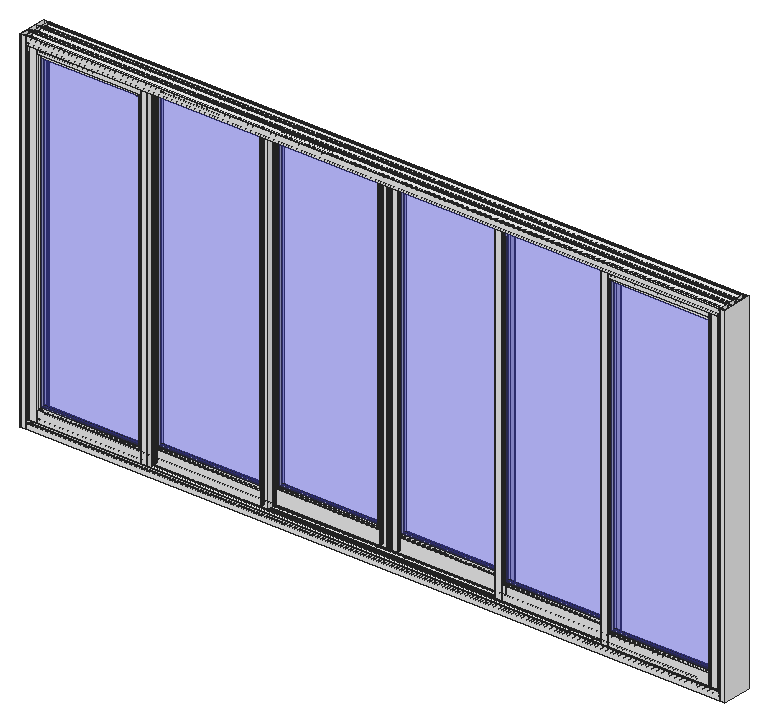
Revit family "Crealco Palace OXXXXO", category Doors, host Wall, Revit 2016 (continued)
Definition of nested family "Palace Sash"
  Definition of nested family "Palace Sash Jamb"
    Automatic sketch dimensions
      Extrusion 2 sketch curve to Extrusion 2 sketch curve = 0.7 mm  (x3)
      Extrusion 2 sketch curve to Extrusion 2 sketch curve = 2.5 mm
      Extrusion 2 sketch curve to Extrusion 2 sketch curve = 0.8 mm  (x2)
      Extrusion 2 sketch curve to plane 4 = 48.667 mm
      Extrusion 2 sketch curve to Extrusion 2 sketch curve = 1.72 mm
      Extrusion 2 sketch curve to Extrusion 2 sketch curve = 2 mm
      Extrusion 2 sketch curve to Extrusion 2 sketch curve = 5.5 mm
      Extrusion 2 sketch curve to Extrusion 2 sketch curve = 2.2 mm  (x2)
      Extrusion 2 sketch curve to Extrusion 2 sketch curve = 0.6 mm
      Extrusion 2 sketch curve to Extrusion 2 sketch curve = 9.3 mm
      plane 1 "Center (Front/Back)" to Extrusion 2 sketch curve = 29.106 mm
      Extrusion 2 sketch curve to Extrusion 2 sketch curve = 0.084 mm
      Extrusion 2 sketch curve to plane 4 = 27.4 mm
      Extrusion 2 sketch curve to Extrusion 2 sketch curve = 4.616 mm
      Extrusion 2 sketch curve to Extrusion 2 sketch curve = 1.4 mm  (x2)
      Extrusion 2 sketch curve to Extrusion 2 sketch curve = 0.4 mm  (x3)
      Extrusion 2 sketch curve to plane 4 = 42.2 mm
      Extrusion 2 sketch curve to Extrusion 2 sketch curve = 7.216 mm
      Extrusion 2 sketch curve to Extrusion 2 sketch curve = 1.2 mm  (x2)
      Extrusion 2 sketch curve to Extrusion 2 sketch curve = 1.363 mm
      Extrusion 2 sketch curve to Extrusion 2 sketch curve = 1.494 mm
      Extrusion 2 sketch curve to plane 4 = 9.735 mm
      Extrusion 2 sketch curve to Extrusion 2 sketch curve = 0.108 mm
      Extrusion 2 sketch curve to plane 4 = 24.265 mm
      Extrusion 2 sketch curve to Extrusion 2 sketch curve = 0.239 mm
      Extrusion 2 sketch curve to Extrusion 2 sketch curve = 0.498 mm  (x2)
      Extrusion 2 sketch curve to plane 4 = 37.2 mm
      Extrusion 2 sketch curve to Extrusion 2 sketch curve = 10.9 mm
      Extrusion 2 sketch curve to plane 4 = 37.6 mm
      Extrusion 2 sketch curve to Extrusion 2 sketch curve = 2.633 mm
      Extrusion 2 sketch curve to Extrusion 2 sketch curve = 0.594 mm
      Extrusion 2 sketch curve to Extrusion 2 sketch curve = 0.5 mm  (x3)
      Extrusion 2 sketch curve to plane 4 = 39 mm
      Extrusion 2 sketch curve to Extrusion 2 sketch curve = 1.3 mm
      Extrusion 2 sketch curve to Extrusion 2 sketch curve = 1.235 mm
      Extrusion 2 sketch curve to Extrusion 2 sketch curve = 4.7 mm
      Extrusion 2 sketch curve to Extrusion 2 sketch curve = 0.2 mm
      Extrusion 1 sketch curve to plane 3 "Center (Left/Right)" = 50 mm
      Extrusion 2 sketch curve to plane 3 "Center (Left/Right)" = 40 mm
      Extrusion 3 sketch curve to plane 4 = 0 mm  (x2)
      plane 5 to Extrusion 3 sketch curve = 0 mm
      Extrusion 3 sketch curve to plane 3 "Center (Left/Right)" = 0 mm  (x3)
      Extrusion 3 sketch curve to Extrusion 3 sketch curve = 0.5 mm  (x3)
      Extrusion 3 sketch curve to plane 3 "Center (Left/Right)" = 0.5 mm
      Extrusion 3 sketch curve to Extrusion 3 sketch curve = 0.498 mm  (x2)
      Extrusion 3 sketch curve to plane 3 "Center (Left/Right)" = 1.106 mm
      Extrusion 3 sketch curve to plane 3 "Center (Left/Right)" = 1.237 mm
      Extrusion 3 sketch curve to plane 3 "Center (Left/Right)" = 1.8 mm  (x2)
      Extrusion 3 sketch curve to Extrusion 3 sketch curve = 1.494 mm
      Extrusion 3 sketch curve to Extrusion 3 sketch curve = 1.2 mm  (x4)
      Extrusion 3 sketch curve to Extrusion 3 sketch curve = 1.4 mm  (x2)
      Extrusion 3 sketch curve to plane 3 "Center (Left/Right)" = 18.516 mm
      Extrusion 3 sketch curve to Extrusion 3 sketch curve = 0.084 mm
      plane 4 to Extrusion 3 sketch curve = 8.3 mm
      Extrusion 3 sketch curve to Extrusion 3 sketch curve = 9.3 mm
      Extrusion 3 sketch curve to Extrusion 3 sketch curve = 0.6 mm
      Extrusion 3 sketch curve to Extrusion 3 sketch curve = 2.2 mm  (x2)
      Extrusion 3 sketch curve to Extrusion 3 sketch curve = 0.8 mm  (x2)
      plane 4 to Extrusion 3 sketch curve = 2.687 mm
      Extrusion 3 sketch curve to Extrusion 3 sketch curve = 4.8 mm
      plane 4 to Extrusion 3 sketch curve = 4.667 mm
      Extrusion 3 sketch curve to Extrusion 3 sketch curve = 0.28 mm
      Extrusion 3 sketch curve to Extrusion 3 sketch curve = 1.22 mm
      Extrusion 3 sketch curve to plane 5 = 1.8 mm
      Extrusion 3 sketch curve to Extrusion 3 sketch curve = 36.4 mm
      Extrusion 3 sketch curve to Extrusion 3 sketch curve = 0 mm
      Extrusion 3 sketch curve to Extrusion 3 sketch curve = 0.7 mm  (x3)
      Extrusion 3 sketch curve to Extrusion 3 sketch curve = 1.5 mm
      plane 3 "Center (Left/Right)" to Extrusion 3 sketch curve = 10.9 mm
      Extrusion 3 sketch curve to Extrusion 3 sketch curve = 3.2 mm
      Extrusion 3 sketch curve to Extrusion 3 sketch curve = 0.4 mm  (x3)
      Extrusion 3 sketch curve to Extrusion 3 sketch curve = 1.3 mm
      plane 1 "Center (Front/Back)" to Extrusion 3 sketch curve = 6.8 mm
      plane 1 "Center (Front/Back)" to Extrusion 3 sketch curve = 2.309 mm
      Extrusion 3 sketch curve to plane 4 = 9.735 mm
      Extrusion 3 sketch curve to Extrusion 3 sketch curve = 1.235 mm
      Extrusion 3 sketch curve to plane 4 = 2 mm
      Extrusion 3 sketch curve to Extrusion 3 sketch curve = 1.933 mm
      Extrusion 3 sketch curve to Extrusion 3 sketch curve = 1.194 mm
      plane 5 to Extrusion 4 sketch curve = 51 mm
      Extrusion 4 sketch curve to plane 3 "Center (Left/Right)" = 40 mm
      Extrusion 4 sketch curve to Extrusion 4 sketch curve = 1.5 mm
      Extrusion 4 sketch curve to plane 4 = 42.2 mm
      Extrusion 4 sketch curve to Extrusion 4 sketch curve = 0.3 mm
      Extrusion 4 sketch curve to Extrusion 4 sketch curve = 2 mm  (x3)
      Extrusion 4 sketch curve to Extrusion 4 sketch curve = 0.7 mm  (x4)
      Extrusion 4 sketch curve to Extrusion 4 sketch curve = 0.8 mm  (x2)
      Extrusion 4 sketch curve to Extrusion 4 sketch curve = 1.72 mm
      Extrusion 4 sketch curve to Extrusion 4 sketch curve = 5.5 mm
      Extrusion 4 sketch curve to Extrusion 4 sketch curve = 2.2 mm  (x2)
      Extrusion 4 sketch curve to Extrusion 4 sketch curve = 0.6 mm
      Extrusion 4 sketch curve to Extrusion 4 sketch curve = 9.3 mm
      plane 4 to Extrusion 4 sketch curve = 7.106 mm
      Extrusion 4 sketch curve to Extrusion 4 sketch curve = 0.084 mm
      Extrusion 4 sketch curve to plane 4 = 27.4 mm
      Extrusion 4 sketch curve to Extrusion 4 sketch curve = 33.8 mm
      Extrusion 4 sketch curve to Extrusion 4 sketch curve = 1.4 mm  (x3)
      Extrusion 4 sketch curve to Extrusion 4 sketch curve = 0.4 mm  (x2)
      Extrusion 4 sketch curve to Extrusion 4 sketch curve = 1 mm
      Extrusion 4 sketch curve to Extrusion 4 sketch curve = 1.2 mm  (x4)
      Extrusion 4 sketch curve to plane 4 = 27 mm
      Extrusion 4 sketch curve to Extrusion 4 sketch curve = 1.363 mm
      Extrusion 4 sketch curve to plane 4 = 8.5 mm
      Extrusion 4 sketch curve to Extrusion 4 sketch curve = 1.494 mm
      Extrusion 4 sketch curve to plane 4 = 24.265 mm
      Extrusion 4 sketch curve to Extrusion 4 sketch curve = 0.239 mm
      Extrusion 4 sketch curve to plane 4 = 9.735 mm
      Extrusion 4 sketch curve to Extrusion 4 sketch curve = 0.108 mm
      Extrusion 4 sketch curve to Extrusion 4 sketch curve = 0.498 mm  (x2)
      Extrusion 4 sketch curve to Extrusion 4 sketch curve = 1.8 mm  (x4)
      Extrusion 4 sketch curve to Extrusion 4 sketch curve = 0 mm
      Extrusion 4 sketch curve to Extrusion 4 sketch curve = 10.9 mm
      Extrusion 4 sketch curve to Extrusion 4 sketch curve = 4.5 mm
      Extrusion 4 sketch curve to Extrusion 4 sketch curve = 3.2 mm
      Extrusion 4 sketch curve to Extrusion 4 sketch curve = 1.3 mm
      Extrusion 4 sketch curve to Extrusion 4 sketch curve = 9.106 mm
      Extrusion 4 sketch curve to Extrusion 4 sketch curve = 2.687 mm
      Extrusion 4 sketch curve to Extrusion 4 sketch curve = 1.933 mm
      Extrusion 4 sketch curve to Extrusion 4 sketch curve = 0.594 mm
      Extrusion 4 sketch curve to Extrusion 4 sketch curve = 0.5 mm  (x2)
      Extrusion 5 sketch curve to plane 4 = 52.8 mm  (x2)
      Extrusion 5 sketch curve to plane 3 "Center (Left/Right)" = 40 mm
      Extrusion 5 sketch curve to Extrusion 5 sketch curve = 1.8 mm  (x4)
      Extrusion 5 sketch curve to Extrusion 5 sketch curve = 0 mm  (x4)
      Extrusion 5 sketch curve to Extrusion 5 sketch curve = 2 mm  (x3)
      Extrusion 5 sketch curve to Extrusion 5 sketch curve = 7.7 mm
      Extrusion 5 sketch curve to Extrusion 5 sketch curve = 1.5 mm
      Extrusion 5 sketch curve to Extrusion 5 sketch curve = 0.7 mm  (x2)
      Extrusion 5 sketch curve to Extrusion 5 sketch curve = 2.5 mm
      Extrusion 5 sketch curve to Extrusion 5 sketch curve = 0.8 mm  (x2)
      Extrusion 5 sketch curve to plane 4 = 48.667 mm
      Extrusion 5 sketch curve to Extrusion 5 sketch curve = 1.72 mm
      Extrusion 5 sketch curve to plane 4 = 51.8 mm
      Extrusion 5 sketch curve to Extrusion 5 sketch curve = 4.28 mm
      Extrusion 5 sketch curve to Extrusion 5 sketch curve = 2.2 mm  (x2)
      Extrusion 5 sketch curve to plane 4 = 52.3 mm
      Extrusion 5 sketch curve to Extrusion 5 sketch curve = 0.6 mm
      Extrusion 5 sketch curve to Extrusion 5 sketch curve = 9.3 mm
      Extrusion 5 sketch curve to plane 4 = 51.106 mm
      Extrusion 5 sketch curve to Extrusion 5 sketch curve = 0.084 mm
      Extrusion 5 sketch curve to Extrusion 5 sketch curve = 4.616 mm
      Extrusion 5 sketch curve to Extrusion 5 sketch curve = 1.4 mm  (x3)
      Extrusion 5 sketch curve to Extrusion 5 sketch curve = 0.4 mm  (x2)
      Extrusion 5 sketch curve to Extrusion 5 sketch curve = 1 mm
      Extrusion 5 sketch curve to Extrusion 5 sketch curve = 7.216 mm
      Extrusion 5 sketch curve to Extrusion 5 sketch curve = 1.2 mm  (x3)
      Extrusion 5 sketch curve to plane 4 = 27 mm
      Extrusion 5 sketch curve to Extrusion 5 sketch curve = 1.363 mm
      Extrusion 5 sketch curve to Extrusion 5 sketch curve = 1.494 mm
      Extrusion 5 sketch curve to Extrusion 5 sketch curve = 0.108 mm
      Extrusion 5 sketch curve to plane 4 = 24.265 mm
      Extrusion 5 sketch curve to Extrusion 5 sketch curve = 0.239 mm
      Extrusion 5 sketch curve to Extrusion 5 sketch curve = 0.498 mm  (x2)
      Extrusion 5 sketch curve to Extrusion 5 sketch curve = 0.5 mm  (x2)
      Extrusion 5 sketch curve to Extrusion 5 sketch curve = 10.9 mm
      Extrusion 5 sketch curve to plane 4 = 37.6 mm
      Extrusion 5 sketch curve to Extrusion 5 sketch curve = 2.687 mm
      Extrusion 5 sketch curve to Extrusion 5 sketch curve = 1.3 mm
      Extrusion 5 sketch curve to Extrusion 5 sketch curve = 14.53 mm
      Extrusion 5 sketch curve to Extrusion 5 sketch curve = 1.235 mm
      Extrusion 5 sketch curve to Extrusion 5 sketch curve = 6.1 mm
      Extrusion 5 sketch curve to Extrusion 5 sketch curve = 46.5 mm
      Extrusion 5 sketch curve to Extrusion 5 sketch curve = 4.5 mm
      Extrusion 6 sketch curve to plane 4 = 1.8 mm
      Extrusion 6 sketch curve to plane 3 "Center (Left/Right)" = 60 mm
      Extrusion 6 sketch curve to Extrusion 6 sketch curve = 1.8 mm  (x4)
      Extrusion 6 sketch curve to Extrusion 6 sketch curve = 0 mm  (x7)
      Extrusion 6 sketch curve to Extrusion 6 sketch curve = 3.4 mm  (x2)
      Extrusion 6 sketch curve to Extrusion 6 sketch curve = 1.2 mm  (x5)
      Extrusion 6 sketch curve to plane 4 = 8.1 mm
      Extrusion 6 sketch curve to Extrusion 6 sketch curve = 49.201 mm
      Extrusion 6 sketch curve to Extrusion 6 sketch curve = 1.4 mm  (x2)
      Extrusion 6 sketch curve to Extrusion 6 sketch curve = 0.4 mm
      plane 1 "Center (Front/Back)" to Extrusion 6 sketch curve = 5 mm
      Extrusion 6 sketch curve to Extrusion 6 sketch curve = 1.363 mm
      Extrusion 6 sketch curve to plane 4 = 8.5 mm
      Extrusion 6 sketch curve to Extrusion 6 sketch curve = 1.494 mm
      Extrusion 6 sketch curve to plane 4 = 9.735 mm
      Extrusion 6 sketch curve to Extrusion 6 sketch curve = 0.108 mm
      Extrusion 6 sketch curve to plane 4 = 24.265 mm
      Extrusion 6 sketch curve to Extrusion 6 sketch curve = 0.239 mm
      Extrusion 6 sketch curve to Extrusion 6 sketch curve = 0.498 mm  (x2)
      plane 1 "Center (Front/Back)" to Extrusion 6 sketch curve = 15.2 mm
      Extrusion 6 sketch curve to Extrusion 6 sketch curve = 10.9 mm
      plane 1 "Center (Front/Back)" to Extrusion 6 sketch curve = 15.6 mm
      Extrusion 6 sketch curve to Extrusion 6 sketch curve = 0.7 mm
      plane 1 "Center (Front/Back)" to Extrusion 6 sketch curve = 14.3 mm
      Extrusion 6 sketch curve to Extrusion 6 sketch curve = 2.2 mm
      plane 1 "Center (Front/Back)" to Extrusion 6 sketch curve = 17 mm
      plane 1 "Center (Front/Back)" to Extrusion 6 sketch curve = 17.196 mm
      Extrusion 6 sketch curve to Extrusion 6 sketch curve = 3 mm  (x2)
      Extrusion 7 sketch curve to plane 3 "Center (Left/Right)" = 62.9 mm
      Extrusion 7 sketch curve to plane 4 = 44 mm
      Extrusion 7 sketch curve to Extrusion 7 sketch curve = 0 mm  (x6)
      Extrusion 7 sketch curve to Extrusion 7 sketch curve = 1 mm  (x9)
      Extrusion 7 sketch curve to Extrusion 7 sketch curve = 0.5 mm  (x5)
      Extrusion 7 sketch curve to Extrusion 7 sketch curve = 5.5 mm  (x2)
      Extrusion 7 sketch curve to Extrusion 7 sketch curve = 0.8 mm  (x4)
      Extrusion 7 sketch curve to Extrusion 7 sketch curve = 1.5 mm
      Extrusion 7 sketch curve to Extrusion 7 sketch curve = 1.6 mm  (x7)
      Extrusion 7 sketch curve to Extrusion 7 sketch curve = 0.9 mm  (x2)
      Extrusion 7 sketch curve to Extrusion 7 sketch curve = 7.5 mm  (x2)
      Extrusion 7 sketch curve to Extrusion 7 sketch curve = 1.4 mm  (x3)
      Extrusion 7 sketch curve to Extrusion 7 sketch curve = 0.2 mm  (x2)
      Extrusion 7 sketch curve to Extrusion 7 sketch curve = 0.6 mm  (x2)
      Extrusion 7 sketch curve to Extrusion 7 sketch curve = 5.6 mm
      Extrusion 7 sketch curve to Extrusion 7 sketch curve = 15.5 mm
      Extrusion 7 sketch curve to Extrusion 7 sketch curve = 14.8 mm
      Extrusion 7 sketch curve to Extrusion 7 sketch curve = 0.7 mm
      Extrusion 7 sketch curve to Extrusion 7 sketch curve = 2.7 mm
      Extrusion 8 sketch curve to Extrusion 8 sketch curve = 0 mm  (x16)
      Extrusion 8 sketch curve to plane 3 "Center (Left/Right)" = 69.3 mm  (x2)
      Extrusion 8 sketch curve to plane 4 = 3 mm  (x2)
      Extrusion 8 sketch curve to Extrusion 8 sketch curve = 6.4 mm  (x4)
      Extrusion 8 sketch curve to plane 4 = 4 mm
      Extrusion 8 sketch curve to Extrusion 8 sketch curve = 1 mm  (x12)
      Extrusion 8 sketch curve to Extrusion 8 sketch curve = 0.5 mm  (x5)
      Extrusion 8 sketch curve to Extrusion 8 sketch curve = 1.6 mm  (x13)
      Extrusion 8 sketch curve to Extrusion 8 sketch curve = 0.1 mm
      Extrusion 8 sketch curve to Extrusion 8 sketch curve = 2 mm  (x3)
      Extrusion 8 sketch curve to Extrusion 8 sketch curve = 5.5 mm  (x2)
      Extrusion 8 sketch curve to plane 4 = 5.5 mm
      Extrusion 8 sketch curve to Extrusion 8 sketch curve = 1.8 mm  (x2)
      Extrusion 8 sketch curve to Extrusion 8 sketch curve = 1.5 mm  (x3)
      Extrusion 8 sketch curve to Extrusion 8 sketch curve = 0.9 mm  (x2)
      Extrusion 8 sketch curve to plane 3 "Center (Left/Right)" = 42.5 mm  (x2)
      Extrusion 8 sketch curve to Extrusion 8 sketch curve = 0.6 mm  (x4)
      Extrusion 8 sketch curve to Extrusion 8 sketch curve = 7.5 mm  (x2)
      Extrusion 8 sketch curve to plane 4 = 7.2 mm
      Extrusion 8 sketch curve to Extrusion 8 sketch curve = 0.8 mm  (x2)
      Extrusion 8 sketch curve to plane 3 "Center (Left/Right)" = 33.5 mm  (x2)
      Extrusion 8 sketch curve to plane 1 "Center (Front/Back)" = 0 mm
      plane 1 "Center (Front/Back)" to Extrusion 8 sketch curve = 14.8 mm
      Extrusion 8 sketch curve to Extrusion 8 sketch curve = 0.7 mm
      Extrusion 8 sketch curve to Extrusion 8 sketch curve = 0.2 mm
      Extrusion 8 sketch curve to Extrusion 8 sketch curve = 2.7 mm
      Extrusion 8 sketch curve to Extrusion 8 sketch curve = 1.4 mm  (x2)
      plane 5 to Extrusion 8 sketch curve = 14.693 mm  (x2)
      Extrusion 8 sketch curve to Extrusion 8 sketch curve = 0.507 mm  (x4)
      Extrusion 8 sketch curve to Extrusion 8 sketch curve = 4.8 mm  (x4)
      Extrusion 8 sketch curve to Extrusion 8 sketch curve = 5.193 mm  (x2)
      Extrusion 8 sketch curve to plane 4 = 2.6 mm
      Extrusion 8 sketch curve to Extrusion 8 sketch curve = 14.693 mm  (x2)
  Definition of nested family "Palace Sash Head"
    Parameters (values of type "Palace Sash Head")
      Profile Material [instance] = none
      Head Width = 50 mm  # constant formula
      Head Length [instance] = 250 mm
      Head Depth = 44 mm  # constant formula
    Reference planes
      plane 1 "Center (Front/Back)": y = 0
      plane 2: z = 0
      plane 3 "Center (Left/Right)": x = 0
      plane 4: y = -22
      plane 5: z = 50
      plane 6: y = 22
      plane 7: z = 25
    Forms (mm)
      Extrusion 1, solid, material <- "Profile Material"
        sketch origin (0, 0, 0) x (0, 1, 0) y (0, 0, 1)
          loop
            line (22, 50) -> (20.2, 50) -> (20.2, 48) -> (17.1, 48) -> (17.1, 46.4) -> (20.25, 46.4) -> (20.25, 34.033) -> (19.696, 32.985) -> (19.696, 30) -> (-19.7, 30) -> (-19.7, 32.92) -> (-20.21, 33.883) -> (-20.21, 46.4) -> (-17.1, 46.4) -> (-17.1, 48) -> (-20.2, 48) -> (-20.2, 50) -> (-22, 50) -> (-22, 0) -> (-17.004, 0) -> (-17.004, -15) -> (-14.304, -15) -> (-14.304, -13.8) -> (-15.604, -13.8) -> (-15.604, -11.6) -> (-15.204, -10.9) -> (-15.204, 0) -> (-2.313, 0)
            arc (-2.313, 0) -> (-1.814, 0.478) -> (-2.27, 0.998) r 0.5
            line (-2.27, 0.998) -> (-5.004, 1.237) -> (-5.004, 2.6) -> (13.496, 2.6) -> (13.496, 1.106) -> (11.805, 0.958) -> (11.805, 0) -> (22, 0) -> (22, 50)
          loop
            line (-20.21, 28.2) -> (-20.21, 1.8) -> (-6.804, 1.8) -> (-6.804, 3)
            arc (-6.804, 3) -> (-6.394, 3.99) -> (-5.404, 4.4) r 1.4
            line (-5.404, 4.4) -> (13.896, 4.4)
            arc (13.896, 4.4) -> (14.885, 3.99) -> (15.296, 3) r 1.4
            line (15.296, 3) -> (15.296, 1.8) -> (20.21, 1.8) -> (20.21, 28.2) -> (-20.21, 28.2)
        from 0 to 250 <- "Head Length"
      Extrusion 2, void
        sketch origin (0, -16.704, -15) x (0, -1, 0) y (1, 0, 0)
          loop
            line (0.3, 250) -> (-2.4, 250) -> (-2.4, 235) -> (0.3, 235) -> (0.3, 250)
          loop
            line (0.3, 0) -> (0.3, 15) -> (-2.4, 15) -> (-2.4, 0) -> (0.3, 0)
        from 0 to 250
    Cuts and joins
      Extrusion 2 cuts Extrusion 1
    Dimensions and locks
      equal spacing: plane 4, plane 1 "Center (Front/Back)", plane 6
      "Head Depth": plane 4 to plane 6
      equal spacing: plane 5, plane 7, plane 2
      "Head Width": plane 5 to plane 2
      locked: Extrusion 2 sketch curve to Extrusion 1 at 15
      locked: Extrusion 1 to Extrusion 2 sketch curve at 15
      aligned and locked: level to plane 2
    Automatic sketch dimensions
      Extrusion 1 to Extrusion 2 sketch curve = 0 mm  (x4)
      Extrusion 2 sketch curve to Extrusion 1 = 0 mm  (x2)
      Extrusion 1 sketch curve to level = 0 mm  (x3)
      Extrusion 1 sketch curve to plane 4 = 0 mm
      plane 5 to Extrusion 1 sketch curve = 0 mm  (x2)
      Extrusion 1 sketch curve to plane 6 = 0 mm
      Extrusion 1 sketch curve to plane 4 = 1.79 mm  (x2)
      Extrusion 1 sketch curve to plane 4 = 1.8 mm
      Extrusion 1 sketch curve to Extrusion 1 sketch curve = 0.51 mm
      Extrusion 1 sketch curve to Extrusion 1 sketch curve = 3.1 mm
      Extrusion 1 sketch curve to Extrusion 1 sketch curve = 3.205 mm
      Extrusion 1 sketch curve to Extrusion 1 sketch curve = 1.4 mm  (x3)
      Extrusion 1 sketch curve to Extrusion 1 sketch curve = 0.4 mm  (x3)
      Extrusion 1 sketch curve to Extrusion 1 sketch curve = 1.3 mm
      level to Extrusion 1 sketch curve = 1.8 mm  (x2)
      plane 1 "Center (Front/Back)" to Extrusion 1 sketch curve = 6.804 mm
      level to Extrusion 1 sketch curve = 1.237 mm
      plane 1 "Center (Front/Back)" to Extrusion 1 sketch curve = 2.313 mm
      level to Extrusion 1 sketch curve = 0.998 mm
      Extrusion 1 sketch curve to Extrusion 1 sketch curve = 0.044 mm
      plane 6 to Extrusion 1 sketch curve = 10.195 mm
      plane 6 to Extrusion 1 sketch curve = 4.9 mm
      plane 6 to Extrusion 1 sketch curve = 2.304 mm
      plane 6 to Extrusion 1 sketch curve = 1.8 mm
      plane 6 to Extrusion 1 sketch curve = 1.79 mm
      Extrusion 1 sketch curve to Extrusion 1 sketch curve = 0.05 mm
      Extrusion 1 sketch curve to level = 10.9 mm
      Extrusion 1 sketch curve to Extrusion 1 sketch curve = 0.7 mm
      Extrusion 1 sketch curve to Extrusion 1 sketch curve = 2.2 mm
      Extrusion 1 sketch curve to Extrusion 1 sketch curve = 1.2 mm  (x2)
      level to Extrusion 1 sketch curve = 1.106 mm
      Extrusion 1 sketch curve to Extrusion 1 sketch curve = 1.494 mm
      plane 7 to Extrusion 1 sketch curve = 3.2 mm
      Extrusion 1 sketch curve to Extrusion 1 sketch curve = 1.8 mm
      Extrusion 1 sketch curve to Extrusion 1 sketch curve = 2.92 mm
      Extrusion 1 sketch curve to Extrusion 1 sketch curve = 2.985 mm
      Extrusion 1 sketch curve to Extrusion 1 sketch curve = 0.963 mm
      Extrusion 1 sketch curve to Extrusion 1 sketch curve = 1.048 mm
      plane 5 to Extrusion 1 sketch curve = 3.6 mm  (x2)
      Extrusion 1 sketch curve to Extrusion 1 sketch curve = 1.6 mm  (x2)
      level to Extrusion 1 sketch curve = 0.958 mm
      Extrusion 1 sketch curve to Extrusion 1 sketch curve = 1.691 mm
  Definition of nested family "Palace Single Glazing"
    Parameters (values of type "Palace Single Glazing")
      Glazing Width [instance] = 600 mm
      Glazing Height [instance] = 600 mm
      Right Sliding [instance] = yes
      Length Arrow Tip [instance] = if((Glazing Height - (2 * 50.3 mm)) / 8 > Length Arrow / 3.3, Length Arrow / 3.3, (Glazing Height - (2 * 50.3 mm)) / 8)  # 50.444 mm
      Length Arrow [instance] = (Glazing Width - (2 * 50.3 mm)) / 3  # 166.467 mm
      Left Sliding [instance] = yes
      Is Sliding [instance] = if(or(Right Sliding, Left Sliding), 1 = 1, 1 = 2)  # yes
      Glazing Thickness SG [instance] = 4 mm
      Glazing Material [instance] = none
      Double Glazing Gasket Material [instance] = none
      Arrow Tip Length [instance] = if((Glazing Height - (2 * 50.3 mm)) / 8 > Length Arrow / 3.3, Length Arrow / 3.3, (Glazing Height - (2 * 50.3 mm)) / 8)  # 50.444 mm
      Arrow Tip Angle = 45.00°  # constant formula
      Arrow Left Gap [instance] = (Glazing Width - Length Arrow) / 2  # 216.767 mm
      Arrow Bottom Gap [instance] = Glazing Height / 2  # 300 mm
    Reference planes
      plane 1 "Center (Front/Back)": y = 0
      plane 2: z = 0
      plane 3 "Center (Left/Right)": x = 0
      plane 4: y = -4
      plane 5: y = -2
    Forms (mm)
      Extrusion 1, solid, material <- "Glazing Material"
        sketch origin (0, 0, 0) x (1, 0, 0) y (0, 0, 1)
          loop
            line (0, 0) -> (0, 600) -> (-600, 600) -> (-600, 0) -> (0, 0)
        from 0 to 4 <- "Glazing Thickness SG"
    Lines and regions (mm)
      model lines, visible <- "Is Sliding"
        curve 1: line (-383.233, -4, 300) -> (-216.767, -4, 300)
      model lines, visible <- "Left Sliding"
        curve 2: line (-216.767, -4, 300) -> (-252.436, -4, 335.67)
        curve 3: line (-216.767, -4, 300) -> (-252.436, -4, 264.33)
      model lines, visible <- "Right Sliding"
        curve 4: line (-383.233, -4, 300) -> (-347.564, -4, 335.67)
        curve 5: line (-383.233, -4, 300) -> (-347.564, -4, 264.33)
    Dimensions and locks
      "Length Arrow": curve 1 to curve 1
      "Arrow Left Gap": plane 3 "Center (Left/Right)" to curve 1
      "Arrow Bottom Gap": level to curve 1
      "Arrow Tip Length": curve 3 to curve 2
      "Arrow Tip Length": curve 3 to curve 3
      "Length Arrow Tip": curve 5 to curve 5
      "Length Arrow Tip": curve 5 to curve 4
      "Glazing Width": plane 3 "Center (Left/Right)" to Extrusion 1 sketch curve
      "Glazing Height": Extrusion 1 sketch curve to level
      equal spacing: plane 4, plane 5, plane 1 "Center (Front/Back)"
      "Glazing Thickness SG": plane 4 to plane 1 "Center (Front/Back)"
      "Arrow Tip Angle": angle curve 3 to curve 1
      "Arrow Tip Angle": angle curve 1 to curve 2
      "Arrow Tip Angle": angle curve 4 to curve 1
      "Arrow Tip Angle": angle curve 1 to curve 5
      aligned and locked: level to plane 2
      aligned and locked: Extrusion 1 sketch curve to plane 3 "Center (Left/Right)"
      aligned and locked: level to Extrusion 1 sketch curve
  Definition of nested family "Palace Double Glazing"
    Parameters (values of type "Palace Double Glazing")
      Glazing Width [instance] = 600 mm
      Glazing Thickness [instance] = 20 mm
      Glazing Height [instance] = 600 mm
      Right Sliding [instance] = yes
      Length Arrow Tip [instance] = if((Glazing Height - (2 * 50.3 mm)) / 8 > Length Arrow / 3.3, Length Arrow / 3.3, (Glazing Height - (2 * 50.3 mm)) / 8)  # 50.444 mm
      Length Arrow [instance] = (Glazing Width - (2 * 50.3 mm)) / 3  # 166.467 mm
      Left Sliding [instance] = yes
      Is Sliding [instance] = if(or(Right Sliding, Left Sliding), 1 = 1, 1 = 2)  # yes
      Glazing Thickness DG [instance] = (Glazing Thickness - Double Glazing Gasket Thickness) / 2  # 4 mm
      Glazing Material [instance] = none
      Double Glazing Gasket Thickness [instance] = 12 mm
      Double Glazing Gasket Material [instance] = none
      Arrow Tip Length [instance] = if((Glazing Height - (2 * 50.3 mm)) / 8 > Length Arrow / 3.3, Length Arrow / 3.3, (Glazing Height - (2 * 50.3 mm)) / 8)  # 50.444 mm
      Arrow Tip Angle = 45.00°  # constant formula
      Arrow Left Gap [instance] = (Glazing Width - Length Arrow) / 2  # 216.767 mm
      Arrow Bottom Gap [instance] = Glazing Height / 2  # 300 mm
    Reference planes
      plane 1 "Center (Front/Back)": y = 0
      plane 2: z = 0
      plane 3 "Center (Left/Right)": x = 0
      plane 4: y = -20
      plane 5: y = -10
    Forms (mm)
      Extrusion 1, solid, material <- "Glazing Material"
        sketch origin (0, 0, 0) x (1, 0, 0) y (0, 0, 1)
          loop
            line (0, 0) -> (0, 600) -> (-600, 600) -> (-600, 0) -> (0, 0)
        from 0 to 4 <- "Glazing Thickness DG"
      Extrusion 2, solid, material <- "Double Glazing Gasket Material"
        sketch origin (0, -4, 0) x (1, 0, 0) y (0, 0, 1)
          loop
            line (-600, 600) -> (-600, 0) -> (0, 0) -> (0, 600) -> (-600, 600)
          loop
            line (-592, 8) -> (-8, 8) -> (-8, 592) -> (-592, 592) -> (-592, 8)
        from 0 to 12 <- "Double Glazing Gasket Thickness"
      Extrusion 3, solid, material <- "Glazing Material"
        sketch origin (0, -16, 0) x (1, 0, 0) y (0, 0, 1)
          loop
            line (-600, 600) -> (-600, 0) -> (0, 0) -> (0, 600) -> (-600, 600)
        from 0 to 4 <- "Glazing Thickness DG"
    Lines and regions (mm)
      model lines, visible <- "Is Sliding"
        curve 1: line (-383.233, 0, 300) -> (-216.767, 0, 300)
      model lines, visible <- "Right Sliding"
        curve 2: line (-216.767, 0, 300) -> (-252.436, 0, 335.67)
        curve 3: line (-216.767, 0, 300) -> (-252.436, 0, 264.33)
      model lines, visible <- "Left Sliding"
        curve 4: line (-383.233, 0, 300) -> (-347.564, 0, 335.67)
        curve 5: line (-383.233, 0, 300) -> (-347.564, 0, 264.33)
    Dimensions and locks
      "Length Arrow": curve 1 to curve 1
      "Arrow Left Gap": plane 3 "Center (Left/Right)" to curve 1
      "Arrow Bottom Gap": level to curve 1
      "Arrow Tip Length": curve 3 to curve 2
      "Arrow Tip Length": curve 3 to curve 3
      "Length Arrow Tip": curve 5 to curve 5
      "Length Arrow Tip": curve 5 to curve 4
      "Glazing Width": plane 3 "Center (Left/Right)" to Extrusion 1 sketch curve
      "Glazing Height": Extrusion 1 sketch curve to level
      equal spacing: plane 4, plane 5, plane 1 "Center (Front/Back)"
      "Glazing Thickness": plane 4 to plane 1 "Center (Front/Back)"
      "Arrow Tip Angle": angle curve 3 to curve 1
      "Arrow Tip Angle": angle curve 1 to curve 2
      "Arrow Tip Angle": angle curve 4 to curve 1
      "Arrow Tip Angle": angle curve 1 to curve 5
      aligned and locked: level to plane 2
      aligned and locked: Extrusion 1 sketch curve to plane 3 "Center (Left/Right)"
      aligned and locked: level to Extrusion 1 sketch curve
      aligned and locked: Extrusion 2 sketch curve to Extrusion 1  (x4)
      aligned and locked: Extrusion 3 sketch curve to Extrusion 2  (x4)
    Automatic sketch dimensions
      Extrusion 2 sketch curve to Extrusion 1 = 8 mm  (x4)
Definition of nested family "Palace Double Glazing"
  Parameters (values of type "Palace Double Glazing")
    Glazing Width [instance] = 600 mm
    Glazing Thickness [instance] = 20 mm
    Glazing Height [instance] = 600 mm
    Right Sliding [instance] = yes
    Length Arrow Tip [instance] = if((Glazing Height - (2 * 50.3 mm)) / 8 > Length Arrow / 3.3, Length Arrow / 3.3, (Glazing Height - (2 * 50.3 mm)) / 8)  # 50.444 mm
    Length Arrow [instance] = (Glazing Width - (2 * 50.3 mm)) / 3  # 166.467 mm
    Left Sliding [instance] = yes
    Is Sliding [instance] = if(or(Right Sliding, Left Sliding), 1 = 1, 1 = 2)  # yes
    Glazing Thickness DG [instance] = (Glazing Thickness - Double Glazing Gasket Thickness) / 2  # 4 mm
    Glazing Material [instance] = none
    Double Glazing Gasket Thickness [instance] = 12 mm
    Double Glazing Gasket Material [instance] = none
    Arrow Tip Length [instance] = if((Glazing Height - (2 * 50.3 mm)) / 8 > Length Arrow / 3.3, Length Arrow / 3.3, (Glazing Height - (2 * 50.3 mm)) / 8)  # 50.444 mm
    Arrow Tip Angle = 45.00°  # constant formula
    Arrow Left Gap [instance] = (Glazing Width - Length Arrow) / 2  # 216.767 mm
    Arrow Bottom Gap [instance] = Glazing Height / 2  # 300 mm
  Reference planes
    plane 1 "Center (Front/Back)": y = 0
    plane 2: z = 0
    plane 3 "Center (Left/Right)": x = 0
    plane 4: y = -20
    plane 5: y = -10
  Forms (mm)
    Extrusion 1, solid, material <- "Glazing Material"
      sketch origin (0, 0, 0) x (1, 0, 0) y (0, 0, 1)
        loop
          line (0, 0) -> (0, 600) -> (-600, 600) -> (-600, 0) -> (0, 0)
      from 0 to 4 <- "Glazing Thickness DG"
    Extrusion 2, solid, material <- "Double Glazing Gasket Material"
      sketch origin (0, -4, 0) x (1, 0, 0) y (0, 0, 1)
        loop
          line (-600, 600) -> (-600, 0) -> (0, 0) -> (0, 600) -> (-600, 600)
        loop
          line (-592, 8) -> (-8, 8) -> (-8, 592) -> (-592, 592) -> (-592, 8)
      from 0 to 12 <- "Double Glazing Gasket Thickness"
    Extrusion 3, solid, material <- "Glazing Material"
      sketch origin (0, -16, 0) x (1, 0, 0) y (0, 0, 1)
        loop
          line (-600, 600) -> (-600, 0) -> (0, 0) -> (0, 600) -> (-600, 600)
      from 0 to 4 <- "Glazing Thickness DG"
  Lines and regions (mm)
    model lines, visible <- "Is Sliding"
      curve 1: line (-383.233, 0, 300) -> (-216.767, 0, 300)
    model lines, visible <- "Right Sliding"
      curve 2: line (-216.767, 0, 300) -> (-252.436, 0, 335.67)
      curve 3: line (-216.767, 0, 300) -> (-252.436, 0, 264.33)
    model lines, visible <- "Left Sliding"
      curve 4: line (-383.233, 0, 300) -> (-347.564, 0, 335.67)
      curve 5: line (-383.233, 0, 300) -> (-347.564, 0, 264.33)
  Dimensions and locks
    "Length Arrow": curve 1 to curve 1
    "Arrow Left Gap": plane 3 "Center (Left/Right)" to curve 1
    "Arrow Bottom Gap": level to curve 1
    "Arrow Tip Length": curve 3 to curve 2
    "Arrow Tip Length": curve 3 to curve 3
    "Length Arrow Tip": curve 5 to curve 5
    "Length Arrow Tip": curve 5 to curve 4
    "Glazing Width": plane 3 "Center (Left/Right)" to Extrusion 1 sketch curve
    "Glazing Height": Extrusion 1 sketch curve to level
    equal spacing: plane 4, plane 5, plane 1 "Center (Front/Back)"
    "Glazing Thickness": plane 4 to plane 1 "Center (Front/Back)"
    "Arrow Tip Angle": angle curve 3 to curve 1
    "Arrow Tip Angle": angle curve 1 to curve 2
    "Arrow Tip Angle": angle curve 4 to curve 1
    "Arrow Tip Angle": angle curve 1 to curve 5
    aligned and locked: level to plane 2
    aligned and locked: Extrusion 1 sketch curve to plane 3 "Center (Left/Right)"
    aligned and locked: level to Extrusion 1 sketch curve
    aligned and locked: Extrusion 2 sketch curve to Extrusion 1  (x4)
    aligned and locked: Extrusion 3 sketch curve to Extrusion 2  (x4)
  Automatic sketch dimensions
    Extrusion 2 sketch curve to Extrusion 1 = 8 mm  (x4)
Types (20, lengths in mm): name | f | b | a | Standard Interlock | Standard Astragal | Single Glazing | Sash Width | Sash Middle Side Gap | Sash Height | Sash Front Side Gap | Heavy Duty Interlock | Heavy Duty Astragal | Double Glazing | Door Width | Door Height | Width | Type Comments | Standard Width | Standard Size | Standard Height | Q_RHS | Q_LHS | L | Ix_RHS | Ix_LHS | Ix | Height | Glazing Thickness | Design Glazing Thickness | C_RHS | C_LHS | A_RHS | A_LHS
  (no name) | 1.1943 | 714.033 | 714.033 | yes | yes | no | 714.033 | 707.033 | 2031 | 1381.067 | no | no | yes | 4190 | 2090 | 4190 | "Palace-4221OXXXXO" | 4190 | yes | 2090 | 618.7039 | 618.7039 | 209 | 10.1202 | 10.1202 | 20.2404 | 2090 | 20 | 20 | 35.702 | 35.702 | 0.6187 | 0.6187
  4190 x 2090mm (Palace-4221OXXXXO) | 1.1943 | 714.033 | 714.033 | yes | yes | no | 714.033 | 707.033 | 2031 | 1381.067 | no | no | yes | 4190 | 2090 | 4190 | "Palace-4221OXXXXO" | 4190 | yes | 2090 | 618.7039 | 618.7039 | 209 | 10.1202 | 10.1202 | 20.2404 | 2090 | 20 | 20 | 35.702 | 35.702 | 0.6187 | 0.6187
  User Defined | 1.1943 | 714.033 | 714.033 | yes | yes | yes | 714.033 | 707.033 | 2031 | 1381.067 | no | no | no | 4190 | 2090 | 4190 | "Custom" | 4190 | no | 2090 | 618.7039 | 618.7039 | 209 | 10.1202 | 10.1202 | 20.2404 | 2090 | 6.4 | 6.4 | 35.702 | 35.702 | 0.6187 | 0.6187
  4790 x 2090mm (Palace-4821OXXXXO) | 1.1943 | 814.033 | 814.033 | yes | yes | no | 814.033 | 807.033 | 2031 | 1581.067 | no | no | yes | 4790 | 2090 | 4790 | "Palace-4821OXXXXO" | 4790 | yes | 2090 | 685.0023 | 685.0023 | 209 | 11.3728 | 11.3728 | 22.7457 | 2090 | 20 | 20 | 40.702 | 40.702 | 0.685 | 0.685
  5390 x 2090mm (Palace-5421OXXXXO) | 1.1943 | 914.033 | 914.033 | yes | no | no | 914.033 | 907.033 | 2031 | 1781.067 | no | yes | yes | 5390 | 2090 | 5390 | "Palace-5421OXXXXO" | 5390 | yes | 2090 | 746.3006 | 746.3006 | 209 | 12.5624 | 12.5624 | 25.1247 | 2090 | 20 | 20 | 45.702 | 45.702 | 0.7463 | 0.7463
  5990 x 2090mm (Palace-6021OXXXXO) | 1.1943 | 1014.033 | 1014.033 | no | no | no | 1014.033 | 1007.033 | 2031 | 1981.067 | yes | yes | yes | 5990 | 2090 | 5990 | "Palace-6021OXXXXO" | 5990 | yes | 2090 | 802.5989 | 802.5989 | 209 | 13.6821 | 13.6821 | 27.3642 | 2090 | 20 | 20 | 50.702 | 50.702 | 0.8026 | 0.8026
  6590 x 2090mm (Palace-6621OXXXXO) | 1.1943 | 1114.033 | 1114.033 | no | no | no | 1114.033 | 1107.033 | 2031 | 2181.067 | yes | yes | yes | 6590 | 2090 | 6590 | "Palace-6621OXXXXO" | 6590 | yes | 2090 | 853.8973 | 853.8973 | 209 | 14.7255 | 14.7255 | 29.4511 | 2090 | 20 | 20 | 55.702 | 55.702 | 0.8539 | 0.8539
  7190 x 2090mm (Palace-7221OXXXXO) | 1.1943 | 1214.033 | 1214.033 | no | no | no | 1214.033 | 1207.033 | 2031 | 2381.067 | yes | yes | yes | 7190 | 2090 | 7190 | "Palace-7221OXXXXO" | 7190 | yes | 2090 | 900.1956 | 900.1956 | 209 | 15.6867 | 15.6867 | 31.3734 | 2090 | 20 | 20 | 60.702 | 60.702 | 0.9002 | 0.9002
  7790 x 2090mm (Palace-7821OXXXXO) | 1.1943 | 1314.033 | 1314.033 | no | no | no | 1314.033 | 1307.033 | 2031 | 2581.067 | yes | yes | yes | 7790 | 2090 | 7790 | "Palace-7821OXXXXO" | 7790 | yes | 2090 | 941.4939 | 941.4939 | 209 | 16.5599 | 16.5599 | 33.1198 | 2090 | 20 | 20 | 65.702 | 65.702 | 0.94149 | 0.94149
  8390 x 2090mm (Palace-8421OXXXXO) | 1.1943 | 1414.033 | 1414.033 | no | no | no | 1414.033 | 1407.033 | 2031 | 2781.067 | yes | yes | yes | 8390 | 2090 | 8390 | "Palace-8421OXXXXO" | 8390 | yes | 2090 | 977.7923 | 977.7923 | 209 | 17.34 | 17.34 | 34.68 | 2090 | 20 | 20 | 70.702 | 70.702 | 0.97779 | 0.97779
  8990 x 2090mm (Palace-9021OXXXXO) | 1.1943 | 1514.033 | 1514.033 | no | no | no | 1514.033 | 1507.033 | 2031 | 2981.067 | yes | yes | yes | 8990 | 2090 | 8990 | "Palace-9021OXXXXO" | 8990 | yes | 2090 | 1009.0906 | 1009.0906 | 209 | 18.0224 | 18.0224 | 36.0447 | 2090 | 20 | 20 | 75.702 | 75.702 | 1.0091 | 1.0091
  4190 x 2390mm (Palace-4224OXXXXO) | 1.3657 | 714.033 | 714.033 | no | no | no | 714.033 | 707.033 | 2331 | 1381.067 | yes | yes | yes | 4190 | 2390 | 4190 | "Palace-4224OXXXXO" | 4190 | yes | 2390 | 725.8089 | 725.8089 | 239 | 15.3044 | 15.3044 | 30.6087 | 2390 | 20 | 20 | 35.702 | 35.702 | 0.72581 | 0.72581
  4790 x 2390mm (Palace-4824OXXXXO) | 1.3657 | 814.033 | 814.033 | no | no | no | 814.033 | 807.033 | 2331 | 1581.067 | yes | yes | yes | 4790 | 2390 | 4790 | "Palace-4824OXXXXO" | 4790 | yes | 2390 | 807.1073 | 807.1073 | 239 | 17.2582 | 17.2582 | 34.5163 | 2390 | 20 | 20 | 40.702 | 40.702 | 0.80711 | 0.80711
  5390 x 2390mm (Palace-5424OXXXXO) | 1.3657 | 914.033 | 914.033 | no | no | no | 914.033 | 907.033 | 2331 | 1781.067 | yes | yes | yes | 5390 | 2390 | 5390 | "Palace-5424OXXXXO" | 5390 | yes | 2390 | 883.4056 | 883.4056 | 239 | 19.1389 | 19.1389 | 38.2778 | 2390 | 20 | 20 | 45.702 | 45.702 | 0.88341 | 0.88341
  5990 x 2390mm (Palace-6024OXXXXO) | 1.3657 | 1014.033 | 1014.033 | no | no | no | 1014.033 | 1007.033 | 2331 | 1981.067 | yes | yes | yes | 5990 | 2390 | 5990 | "Palace-6024OXXXXO" | 5990 | yes | 2390 | 954.7039 | 954.7039 | 239 | 20.9385 | 20.9385 | 41.8771 | 2390 | 20 | 20 | 50.702 | 50.702 | 0.9547 | 0.9547
  6590 x 2390mm (Palace-6624OXXXXO) | 1.3657 | 1114.033 | 1114.033 | no | no | no | 1114.033 | 1107.033 | 2331 | 2181.067 | yes | yes | yes | 6590 | 2390 | 6590 | "Palace-6624OXXXXO" | 6590 | yes | 2390 | 1021.0023 | 1021.0023 | 239 | 22.6492 | 22.6492 | 45.2983 | 2390 | 20 | 20 | 55.702 | 55.702 | 1.021 | 1.021
  7190 x 2390mm (Palace-7224OXXXXO) | 1.3657 | 1214.033 | 1214.033 | no | no | no | 1214.033 | 1207.033 | 2331 | 2381.067 | yes | yes | yes | 7190 | 2390 | 7190 | "Palace-7224OXXXXO" | 7190 | yes | 2390 | 1082.3006 | 1082.3006 | 239 | 24.2634 | 24.2634 | 48.5268 | 2390 | 20 | 20 | 60.702 | 60.702 | 1.0823 | 1.0823
  7790 x 2390mm (Palace-7824OXXXXO) | 1.3657 | 1314.033 | 1314.033 | no | no | no | 1314.033 | 1307.033 | 2331 | 2581.067 | yes | yes | yes | 7790 | 2390 | 7790 | "Palace-7824OXXXXO" | 7790 | yes | 2390 | 1138.5989 | 1138.5989 | 239 | 25.774 | 25.774 | 51.548 | 2390 | 20 | 20 | 65.702 | 65.702 | 1.1386 | 1.1386
  8390 x 2390mm (Palace-8424OXXXXO) | 1.3657 | 1414.033 | 1414.033 | no | no | no | 1414.033 | 1407.033 | 2331 | 2781.067 | yes | yes | yes | 8390 | 2390 | 8390 | "Palace-8424OXXXXO" | 8390 | yes | 2390 | 1189.8973 | 1189.8973 | 239 | 27.1744 | 27.1744 | 54.3488 | 2390 | 20 | 20 | 70.702 | 70.702 | 1.1899 | 1.1899
  8990 x 2390mm (Palace-9024OXXXXO) | 1.3657 | 1514.033 | 1514.033 | no | no | no | 1514.033 | 1507.033 | 2331 | 2981.067 | yes | yes | yes | 8990 | 2390 | 8990 | "Palace-9024OXXXXO" | 8990 | yes | 2390 | 1236.1956 | 1236.1956 | 239 | 28.4582 | 28.4582 | 56.9164 | 2390 | 20 | 20 | 75.702 | 75.702 | 1.2362 | 1.2362
